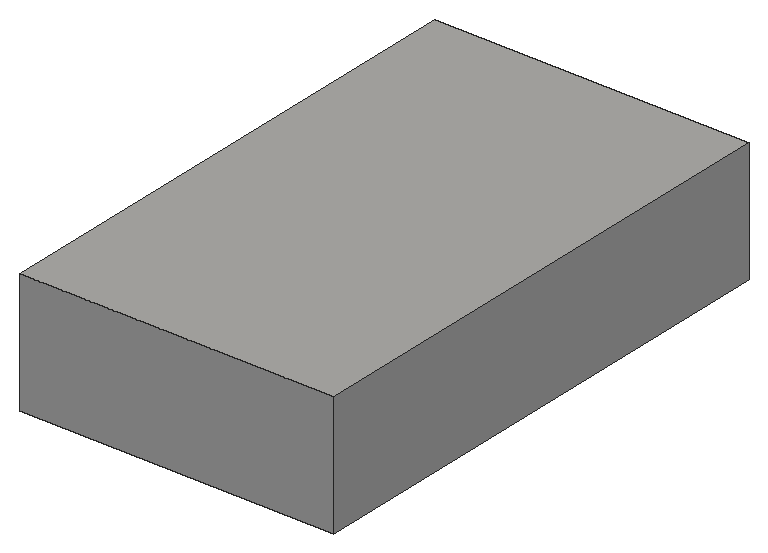
Revit family "AV-01", category Устройства связи, Revit 2016
Family settings
  Сохранять ориентацию аннотаций = Нет
  Тип детали = Нормальный
  Размер круглого соединителя = Использовать диаметр
  На основе рабочей плоскости = Да
  Всегда вертикально = Нет
  При загрузке вырезать с полостями = Нет
  Общий = Да
  Точка расчета площади = Нет
Parameters (values of type "AV-01T")
  Цветовое решение = "Титаново-серый"  # constant formula
  Угол обзора = "По горизонтали 78°, по вертикали 56°"  # constant formula
  Тип установки = "Врезная, накладная с BR-AV2"  # constant formula
  Тип панели = "Индивидуальная"  # constant formula
  Тип клавиатуры = "Нет"  # constant formula
  Температурный режим = "-40 ... +65 °С"  # constant formula
  Режим разговора = "Двухсторонний"  # constant formula
  Разрешение камеры = "800 ТВл"  # constant formula
  Размер самой панели = "99х159х48мм"  # constant formula
  Размер под установку = "94х151х45 мм"  # constant formula
  Потребление питания = "5,5 Вт, в режиме ожидания – 2,5 Вт"  # constant formula
  Питание = "+ 12 В"  # constant formula
  Default Elevation = 0 mm
  Открытие замка = "С монитора, по карте"
  Описание = "Данная индивидуальная вызывная панель сильно отличается в лучшую сторону по дизайну и характеристикам от обычных панелей, установленных в домах и квартирах. Благодаря степени защиты IP-65, панель можно без проблем устанавливать на улице, не боясь сильного дождя и прочих “радостей” природы."
  Ночная подсветка = "6 светодиодов"  # constant formula
  Минимальная освещенность = "0,01 LuX"  # constant formula
  Материал корпуса = SHV_Титан
  Корпус = "Металлический"  # constant formula
  Контроль доступа = "Считыватель беcконтактных карт EM-Marin (AV-01TE), считыватель беcконтактных карт Mifare (AV-01TM)"
  Количество мелодий вызова = "4 полифонические мелодии"  # constant formula
  Кнопки быстрого вызова = "1 сенсорная кнопка вызова"  # constant formula
  Класс степени защиты = "IP65"  # constant formula
  Камера = "1/3”, регулировка направления камеры"  # constant formula
  Интерфейс = "WEB-интерфейс"  # constant formula
  Интеграция со СКУД = "Нет"  # constant formula
  Изображение типоразмера = <Нет>
  Изображение = SHV_Изображение_AV-01T
  Изготовитель = "BAS-IP"  # constant formula
  Дополнительно = "SIP P2P; Место для подписи возле кнопки вызова"
  Дисплей = "Нет"  # constant formula
  Группа модели = "Вызывная панель"  # constant formula
  Выходное видео = "D1 (704×576), H.264 Main Profile, BaseLine Profile"  # constant formula
  Аутентификация = "Отдельный пароль на настройки, WEB–интерфейс"  # constant formula
  URL = "https://www.bas-ip.ru"
  Email = "support@bimlib.ru"  # constant formula
  BIM library = "https://bimlib.ru/manufacturer/"  # constant formula
  ADSK_Размер_Ширина = 190 mm  # constant formula
  ADSK_Размер_Толщина = 45 mm  # constant formula
  ADSK_Размер_Длина = 115 mm  # constant formula
  ADSK_Примечание = ""
  ADSK_Полная мощность = ADSK_Номинальная мощность / ADSK_Коэффициент мощности  # 6.11111 VA
  ADSK_Позиция = ""
  ADSK_Обозначение = ""
  ADSK_Номинальная мощность = 5.5 W  # constant formula
  ADSK_Напряжение = 12 V  # constant formula
  ADSK_Наименование краткое = ADSK_Марка  # "AV-01T"
  ADSK_Наименование = "ВЫЗЫВНАЯ ПАНЕЛЬ AV-01T"
  ADSK_Масса_Текст = ""
  ADSK_Марка = "AV-01T"
  ADSK_Коэффициент мощности = 0.9  # constant formula
  ADSK_Количество фаз = 1
  ADSK_Код изделия = ""
  ADSK_Классификация нагрузок = Вызывная панель
  ADSK_Зона = ""
  ADSK_Завод-изготовитель = Изготовитель  # "BAS-IP"
  ADSK_Единица измерения = "шт"  # constant formula
  ADSK_Версия Revit = "Revit 2016"  # constant formula
  ADSK_URL страницы изделия = "https://www.bas-ip.ru/catalog/panels/bas-ip-av-01t-v3/\r\nhttps://wiki.bas-ip.com/display/AV02v3/AV-02"
  ADSK_URL документации изделия = "https://wiki.bas-ip.com/display/AV01Tv3/AV-01T"
Types (4, lengths in mm): name | Открытие замка | Описание | Контроль доступа | Изображение | Дополнительно | ADSK_Наименование краткое | ADSK_Наименование | ADSK_Марка | ADSK_URL страницы изделия | ADSK_URL документации изделия
  (no name) | "С монитора, по карте" | "Данная индивидуальная вызывная панель сильно отличается в лучшую сторону по дизайну и характеристикам от обычных панелей, установленных в домах и квартирах. Благодаря степени защиты IP-65, панель можно без проблем устанавливать на улице, не боясь сильного дождя и прочих “радостей” природы." | "Считыватель беcконтактных карт EM-Marin (AV-01TE), считыватель беcконтактных карт Mifare (AV-01TM)" | SHV_Изображение_AV-01T | "SIP P2P; Место для подписи возле кнопки вызова" | "AV-01T" | "ВЫЗЫВНАЯ ПАНЕЛЬ AV-01T" | "AV-01T" | "https://www.bas-ip.ru/catalog/panels/bas-ip-av-01t-v3/\r\nhttps://wiki.bas-ip.com/display/AV02v3/AV-02" | "https://wiki.bas-ip.com/display/AV01Tv3/AV-01T"
  AV-01 | "С монитора" | "Данная индивидуальная вызывная панель сильно отличается в лучшую сторону по дизайну и характеристикам от обычных панелей, установленных в домах и квартирах. Благодаря степени защиты IP-65, панель можно без проблем устанавливать на улице, не боясь сильного дождя и прочих “радостей” природы." | "Нет" | SHV_Изображение_AV-01 | "SIP P2P; Место для подписи возле кнопки вызова" | "AV-01" | "ВЫЗЫВНАЯ ПАНЕЛЬ AV-01" | "AV-01" | "https://www.bas-ip.ru/catalog/panels/bas-ip-av-01-v3/\r\nhttps://wiki.bas-ip.com/display/AV02v3/AV-02" | "https://wiki.bas-ip.com/display/AV01v3/AV-01"
  AV-01T | "С монитора, по карте" | "Данная индивидуальная вызывная панель сильно отличается в лучшую сторону по дизайну и характеристикам от обычных панелей, установленных в домах и квартирах. Благодаря степени защиты IP-65, панель можно без проблем устанавливать на улице, не боясь сильного дождя и прочих “радостей” природы." | "Считыватель беcконтактных карт EM-Marin (AV-01TE), считыватель беcконтактных карт Mifare (AV-01TM)" | SHV_Изображение_AV-01T | "SIP P2P; Место для подписи возле кнопки вызова" | "AV-01T" | "ВЫЗЫВНАЯ ПАНЕЛЬ AV-01T" | "AV-01T" | "https://www.bas-ip.ru/catalog/panels/bas-ip-av-01t-v3/\r\nhttps://wiki.bas-ip.com/display/AV02v3/AV-02" | "https://wiki.bas-ip.com/display/AV01Tv3/AV-01T"
  AV-01K | "С монитора, по коду" | "AV-01K - это индивидуальная вызывная панель с кодовым набором. Данная панель может работать в двух режимах – индивидуальном и многоабонентском. В индивидуальном режиме клавиатура панели служит кодонаборной панелью для открытия замка, а с помощью кнопки прямого вызова можно связаться с нужным монитором." | "Разблокировка замка с помощью кода" | SHV_Изображение_AV-01K | "SIP P2P; Место для подписи возле кнопки вызова, работа в двух режимах: индивидуальный и многоабонентский" | "AV-01K" | "ВЫЗЫВНАЯ ПАНЕЛЬ AV-01K" | "AV-01K" | "https://www.bas-ip.ru/catalog/panels/bas-ip-av-01k/" | "https://wiki.bas-ip.com/display/AV01Kv3/AV-01K"
Reference planes
  plane 1 "По центру (Вперед/Назад)": y = 0
  plane 2: z = 0
  plane 3 "По центру (Влево/Вправо)": x = 0
  plane 4: x = -57.5
  plane 5: y = 95
  plane 6: x = 57.5
  plane 7: y = -95
  plane 8: z = 3
  plane 9 "Плоскость для коннекторов": z = -42
Forms (mm)
  Extrusion 1, solid, material "SHV_Титан" <- "Материал корпуса", detail levels medium+fine
    sketch origin (0, 0, 0) x (1, 0, 0) y (0, 1, 0)
      loop
        line (-57.5, 95) -> (-57.5, -95) -> (57.5, -95) -> (57.5, 95) -> (-57.5, 95)
    from -42 to 3
Lines and regions (mm)
  model lines, detail levels coarse
    curve 1: line (-57.5, 95, 0) -> (57.5, 95, 0)
    curve 2: line (-57.5, -95, 0) -> (-57.5, 95, 0)
    curve 3: line (57.5, -95, 0) -> (-57.5, -95, 0)
    curve 4: line (57.5, 95, 0) -> (57.5, -95, 0)
Dimensions and locks
  equal spacing: plane 4, plane 3 "По центру (Влево/Вправо)", plane 6
  "ADSK_Размер_Длина": plane 4 to plane 6
  "ADSK_Размер_Ширина": plane 5 to plane 7
  equal spacing: plane 5, plane 1 "По центру (Вперед/Назад)", plane 7
  plane 8 to plane 2 = 3 mm
  plane 3 "По центру (Влево/Вправо)" to Extrusion 1 = 57.5 mm
  "ADSK_Размер_Толщина": plane 8 to plane 9 "Плоскость для коннекторов"
  aligned and locked: level to plane 2
  aligned and locked: Extrusion 1 sketch curve to plane 4
  aligned and locked: Extrusion 1 sketch curve to plane 5
  aligned and locked: Extrusion 1 sketch curve to plane 6
  aligned and locked: Extrusion 1 sketch curve to plane 7
  aligned and locked: curve 1 to Extrusion 1
  aligned and locked: curve 2 to Extrusion 1
  aligned and locked: curve 3 to Extrusion 1
  aligned and locked: curve 4 to Extrusion 1
  aligned and locked: plane 8 to Extrusion 1
  aligned and locked: Extrusion 1 to plane 9 "Плоскость для коннекторов"
Connectors
  electrical at (0, -49.5, -42)
    settings: on plane 9 "Плоскость для коннекторов", index 4, voltage 0 V, apparent load 0 VA, apparent load phase1 0 VA, apparent load phase2 0 VA, apparent load phase3 0 VA, power factor 1, load classification "Прочее", number of poles 1, system type 13, power factor state 1, is connector primary yes, connector utility no, sub classification motor no, connector description "Магнитный замок"
  electrical at (-19.5, -49.5, -42)
    settings: on plane 9 "Плоскость для коннекторов", index 5, voltage 0 V, apparent load 0 VA, apparent load phase1 0 VA, apparent load phase2 0 VA, apparent load phase3 0 VA, power factor 1, load classification "Прочее", number of poles 1, system type 5, power factor state 1, is connector primary no, connector utility no, sub classification motor no, connector description "RJ-45 Ethernet UTP Cat5e"
  electrical at (19.5, -49.5, -42), driven by "ADSK_Количество фаз", driven by "ADSK_Классификация нагрузок", driven by "ADSK_Напряжение", driven by "ADSK_Полная мощность", driven by "ADSK_Коэффициент мощности"
    settings: on plane 9 "Плоскость для коннекторов", index 6, voltage 12 V, apparent load 6.11111 VA, apparent load phase1 0 VA, apparent load phase2 0 VA, apparent load phase3 0 VA, power factor 0.9, load classification "Вызывная панель", number of poles 1, system type 30, power factor state 1, is connector primary no, connector utility no, sub classification motor no, connector description ""
